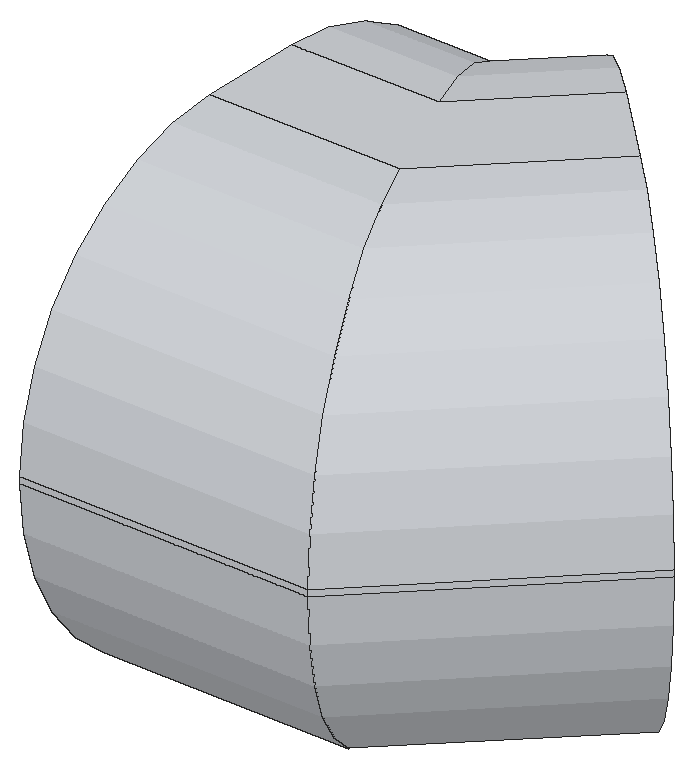
Revit family "M_Cotovelo oval - 90 graus", category Conexões de duto, Revit 2019
Family settings
  Cota do conector redondo = Utilizar diâmetro
  Tipo de parte = Cotovelo
  Número OmniClass = 23.75.70.14
  Título OmniClass = Air Ductwork
  ID de item do Seek = Oval Elbow - Mitered-0000-CAN-ENU
  Com base no plano de trabalho = Não
  Sempre na vertical = Sim
  Corte com vazios quando carregada = Não
  Compartilhado = Não
Parameters (values of type "Padrão")
  Comprimento do rebaixo [instance] = 25 mm
  Comprimento 3 [instance] = Comprimento 1 * sin(Ângulo)  # 61.612 mm
  Comprimento 2 [instance] = Comprimento 1 * cos(Ângulo) + Comprimento 1  # 148.744 mm
  Comprimento 1 [instance] = tan(Ângulo / 2) * Largura do duto / 2 + Comprimento do rebaixo  # 87.132 mm
  Largura do duto [instance] = 300 mm
  Altura do duto [instance] = 250 mm
  Ângulo [instance] = 45.00°
Reference planes
  plane 1 "Centro (Frente/Trás)": y = 0
  plane 2: z = 0
  plane 3 "Centro (Esquerda/Direita)": x = 0
  plane 4: x = -87.132
  plane 5: x = 61.612
  plane 6: y = 61.612
Forms (mm)
  Sweep 1, solid, detail levels medium+fine
    path in 3D
      loop
        line (-87.132, 0, 0) -> (0, 0, 0) -> (61.612, 61.612, 0)
    profile "M_Duto - Oval : Duto - Oval" origin (-43.566, 0, 0) x (0, 1, 0) y (0, 0, 1)
      loop
        line (-150, 1.588) -> (-150, -1.587)
        arc (-150, -1.587) -> (-113.853, -88.853) -> (-26.587, -125) r 123.413
        line (-26.587, -125) -> (26.588, -125)
        arc (26.588, -125) -> (113.853, -88.853) -> (150, -1.587) r 123.413
        line (150, -1.587) -> (150, 1.587)
        arc (150, 1.587) -> (113.853, 88.853) -> (26.588, 125) r 123.413
        line (26.588, 125) -> (-26.587, 125)
        arc (-26.587, 125) -> (-113.853, 88.853) -> (-150, 1.588) r 123.413
Lines and regions (mm)
  model lines, detail levels coarse
    curve 1: line (-87.132, 0, 0) -> (0, 0, 0)
    curve 2: line (0, 0, 0) -> (61.612, 61.612, 0)
  sketch lines
    curve 3: line (-87.132, 0, 0) -> (0, 0, 0)
    curve 4: line (0, 0, 0) -> (61.612, 61.612, 0)
Dimensions and locks
  "Comprimento 1": plane 4 to plane 3 "Centro (Esquerda/Direita)"
  "Comprimento 2": plane 4 to plane 5
  "Comprimento 3": plane 1 "Centro (Frente/Trás)" to plane 6
  "Comprimento 1": curve 2 to curve 2
  "Ângulo": angle plane 1 "Centro (Frente/Trás)" to curve 2
  aligned and locked: plane 1 "Centro (Frente/Trás)" to curve 1
  aligned and locked: plane 4 to curve 1
  aligned and locked: plane 6 to curve 2
  aligned and locked: plane 5 to curve 2
Connectors
  hvac at (-87.132, 0, 0), driven by "Altura do duto", driven by "Largura do duto", driven by "Ângulo"
    settings: on Sweep 1, index 1, duct flow 0.0 L/s, flow factor 0, pres drop 0.0 Pa, loss coef 0, conn angle 45.00°, conn width 300 mm, conn height 250 mm, conn diameter 609.6 mm, duct sys type 28, conn prof type 2, flow config 0, flow direction 0, loss method 0, conn ref index 2, conn util no, is conn primary yes, conn desc ""
  hvac at (61.612, 61.612, 0), driven by "Altura do duto", driven by "Largura do duto", driven by "Ângulo"
    settings: on Sweep 1, index 2, duct flow 0.0 L/s, flow factor 0, pres drop 0.0 Pa, loss coef 0, conn angle 45.00°, conn width 300 mm, conn height 250 mm, conn diameter 609.6 mm, duct sys type 28, conn prof type 2, flow config 0, flow direction 0, loss method 0, conn ref index 1, conn util no, is conn primary no, conn desc ""
